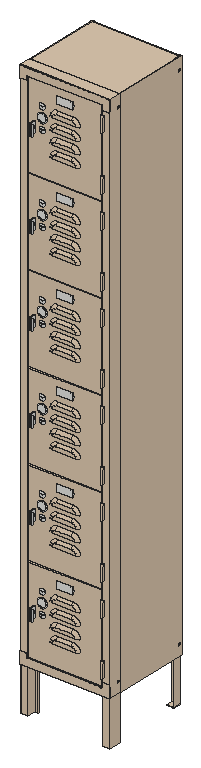
Revit family "Metal_Lockers-Salsbury_Industries-65000_66000_Series-1_Wide_Units", category Specialty Equipment, Revit 2024 (continued)
Definition of nested family "Metal Locker End Panel"
  Reference planes (in)
    plane 13 "Outside Edge of Front Flap": y = -8.23214
    plane 14 "Outside Edge of Back Flap": y = 3.898
  Forms (in)
    Extrusion 1, solid, material <- "Primary Structure Material", visible <- "Visible"
      sketch origin (-4.1325, 0.48244, 0) x (0, 0, -1) y (0, -1, 0)
        loop
          line (-72, 8.71458) -> (-72, -3.41556) -> (0, -3.41556) -> (0, 8.71458) -> (-72, 8.71458)
      from 0 to -0.06
    Extrusion 2, solid, material <- "Primary Structure Material", visible <- "Visible"
      sketch origin (0, 3.838, 0) x (0, 0, -1) y (1, 0, 0)
        loop
          line (-72, -5.0575) -> (0, -5.0575) -> (0, -4.1325) -> (-72, -4.1325) -> (-72, -5.0575)
      from 0 to -0.06
    Extrusion 3, solid, material <- "Primary Structure Material", visible <- "Visible"
      sketch origin (0, -8.172, 0) x (1, 0, 0) y (0, 0, 1)
        loop
          line (-5.0575, 70.283) -> (-5.0575, 1.717) -> (-4.1325, 1.717) -> (-4.1325, 70.283) -> (-5.0575, 70.283)
      from 0.06014 to 0
  Dimensions and locks (in)
    equal spacing: plane 6 "Front of Panel", plane 1 "Center (Front/Back)", plane 9 "Back of Panel"
    "Depth": plane 6 "Front of Panel" to plane 9 "Back of Panel"
    equal spacing: plane 8 "Left Side of Enclosure", plane 3 "Center (Left/Right)", plane 7 "Right Side of Enclosure"
    "Width": plane 8 "Left Side of Enclosure" to plane 7 "Right Side of Enclosure"
    equal spacing: plane 5 "Top of Panel", plane 10, plane 2
    "Height": plane 5 "Top of Panel" to plane 2
    locked: plane 5 "Top of Panel" to plane 11 at 1.717
    locked: plane 13 "Outside Edge of Front Flap" to plane 6 "Front of Panel" at 0.06014
    locked: plane 9 "Back of Panel" to plane 14 "Outside Edge of Back Flap" at 0.06
    aligned and locked: level to plane 2
    aligned and locked: plane 5 "Top of Panel" to Extrusion 1 sketch curve
    aligned and locked: plane 5 "Top of Panel" to Extrusion 2 sketch curve
    aligned and locked: Extrusion 2 to plane 9 "Back of Panel"
    aligned and locked: plane 11 to Extrusion 3 sketch curve
    aligned and locked: plane 6 "Front of Panel" to Extrusion 3
    aligned and locked: plane 14 "Outside Edge of Back Flap" to Extrusion 2
    aligned and locked: Extrusion 1 to plane 14 "Outside Edge of Back Flap"
    aligned and locked: plane 13 "Outside Edge of Front Flap" to Extrusion 3
    aligned and locked: Extrusion 2 to plane 7 "Right Side of Enclosure"
    aligned and locked: Extrusion 3 to plane 7 "Right Side of Enclosure"
  Automatic sketch dimensions
    Extrusion 1 sketch curve to level = 0.000"
    Extrusion 2 sketch curve to level = 0.000"
    plane 8 "Left Side of Enclosure" to Extrusion 2 sketch curve = 0.000"
    plane 7 "Right Side of Enclosure" to Extrusion 2 sketch curve = 0.000"
    plane 8 "Left Side of Enclosure" to Extrusion 3 sketch curve = 0.000"
    Extrusion 3 sketch curve to plane 12 = 0.000"
    plane 7 "Right Side of Enclosure" to Extrusion 3 sketch curve = 0.000"
    Extrusion 1 sketch curve to plane 14 "Outside Edge of Back Flap" = 0.000"
    plane 6 "Front of Panel" to Extrusion 1 sketch curve = 0.06014"
Definition of nested family "Metal Locker Front Filler"
  Parameters (values of type "77869 - for 6' H Lockers (Zee Base or No Legs)")
    Width = 9.000"
    Visible = yes
    Version = "1.0 (11/30/15)"
    Type Comments = "Vertical Front Filler for Standard Metal Lockers"
    Primary Structure Material = none
    Model = "77865"
    MasterFormat Title = ""
    MasterFormat Number = ""
    Manufacturer = "Salsbury Industries"
    Height = 72.000"
    Description = "9\" W Vertical Front Filler for 6' H Lockers"
    Depth = 1.500"
    Default Elevation = 0.000"
    Assembly Code = ""
  Types (9): name | Width | Visible | Model | Height | Description | Depth
    77865 - for 6' H Lockers with Legs | 15.000" | yes | "77865" | 78.000" | "15\" W Vertical Front Filler for 6' H Lockers" | 1.000"
    77869 - for 6' H Lockers with Legs | 9.000" | yes | "77865" | 78.000" | "9\" W Vertical Front Filler for 6' H Lockers" | 1.000"
    77855 - for 5' H Lockers with Legs | 15.000" | yes | "77855" | 66.000" | "15\" W Vertical Front Filler for 5' H Lockers" | 1.000"
    77859 - for 5' H Lockers with Legs | 9.000" | yes | "77859" | 66.000" | "9\" W Vertical Front Filler for 5' H Lockers" | 1.000"
    None | 15.000" | no | "n/a" | 78.000" | "" | 1.500"
    77865 - for 6' H Lockers (Zee Base or No Legs) | 15.000" | yes | "77865" | 72.000" | "15\" W Vertical Front Filler for 6' H Lockers" | 1.000"
    77869 - for 6' H Lockers (Zee Base or No Legs) | 9.000" | yes | "77865" | 72.000" | "9\" W Vertical Front Filler for 6' H Lockers" | 1.500"
    77859 - for 5' H Lockers (Zee Base or No Legs) | 9.000" | yes | "77859" | 60.000" | "9\" W Vertical Front Filler for 5' H Lockers" | 1.000"
    77855 - for 5' H Lockers (Zee Base or No Legs) | 15.000" | yes | "77855" | 60.000" | "15\" W Vertical Front Filler for 5' H Lockers" | 1.000"
  Reference planes (in)
    plane 1 "Center (Front/Back)": y = -2.167
    plane 2: z = 0
    plane 3 "Center (Left/Right)": x = -4.595
    plane 4 "Bottom of Filler": z = 0
    plane 5 "Top of Panel": z = 72
    plane 6 "Front of Filler": y = -2.917
    plane 7 "Right Side of Filler": x = -0.095
    plane 8 "Left Side of Filler": x = -9.095
    plane 9 "Back of Filler": y = -1.417
    plane 10: z = 36
  Forms (in)
    Extrusion 1, solid, material <- "Primary Structure Material", visible <- "Visible"
      sketch origin (0, 0, 0) x (0, -1, 0) y (1, 0, 0)
        loop
          line (1.417, -9.095) -> (2.917, -9.095) -> (2.917, -1.095) -> (2.869, -1.095) -> (2.869, -9.047) -> (1.417, -9.047) -> (1.417, -9.095)
      from 0 to 72
    Extrusion 2, solid, material <- "Primary Structure Material", visible <- "Visible"
      sketch origin (0, -0.20425, 0) x (0, -1, 0) y (1, 0, 0)
        loop
          line (1.30875, -0.095) -> (1.30875, -0.143) -> (2.76075, -0.143) -> (2.76075, -1.595) -> (2.80875, -1.595) -> (2.80875, -0.095) -> (1.30875, -0.095)
      from 0 to 72
    Extrusion 3, solid, material <- "Primary Structure Material", visible <- "Visible"
      sketch origin (0, 0.10825, 0) x (0, -1, 0) y (1, 0, 0)
        loop
          line (3.07325, -1.595) -> (3.07325, -0.82524) -> (3.02525, -0.82524) -> (3.02525, -1.376) -> (3.02525, -1.449) -> (3.02525, -1.522) -> (3.02525, -1.595) -> (3.07325, -1.595)
      from 0 to 72
    Extrusion 4, solid, material <- "Primary Structure Material", visible <- "Visible"
      sketch origin (0, 0, 0) x (0, -1, 0) y (1, 0, 0)
        loop
          line (2.917, -0.82524) -> (2.821, -0.82524) -> (2.821, -1.80024) -> (2.869, -1.80024) -> (2.869, -0.87324) -> (2.917, -0.87324) -> (2.917, -0.82524)
      from 0 to 72
  Dimensions and locks (in)
    equal spacing: plane 6 "Front of Filler", plane 1 "Center (Front/Back)", plane 9 "Back of Filler"
    "Depth": plane 6 "Front of Filler" to plane 9 "Back of Filler"
    equal spacing: plane 8 "Left Side of Filler", plane 3 "Center (Left/Right)", plane 7 "Right Side of Filler"
    "Width": plane 8 "Left Side of Filler" to plane 7 "Right Side of Filler"
    equal spacing: plane 5 "Top of Panel", plane 10, plane 2
    "Height": plane 5 "Top of Panel" to plane 2
    aligned and locked: level to plane 2
    aligned and locked: Extrusion 1 to plane 5 "Top of Panel"
    aligned and locked: Extrusion 2 to plane 5 "Top of Panel"
    aligned and locked: Extrusion 3 to plane 5 "Top of Panel"
    aligned and locked: Extrusion 4 to plane 5 "Top of Panel"
  Automatic sketch dimensions
    plane 9 "Back of Filler" to Extrusion 1 sketch curve = 0.000"
    plane 6 "Front of Filler" to Extrusion 1 sketch curve = 0.000"
    Extrusion 1 sketch curve to plane 8 "Left Side of Filler" = 0.000"
    Extrusion 1 sketch curve to plane 6 "Front of Filler" = 0.048"
    Extrusion 1 sketch curve to Extrusion 1 sketch curve = 0.048"
    plane 7 "Right Side of Filler" to Extrusion 1 sketch curve = 1.000"
    Extrusion 2 sketch curve to plane 7 "Right Side of Filler" = 0.000"
    plane 7 "Right Side of Filler" to Extrusion 2 sketch curve = 0.048"
    plane 9 "Back of Filler" to Extrusion 2 sketch curve = 0.096"
    plane 6 "Front of Filler" to Extrusion 2 sketch curve = 0.048"
    Extrusion 2 sketch curve to Extrusion 2 sketch curve = 0.048"
    Extrusion 2 sketch curve to Extrusion 2 sketch curve = 1.452"
    plane 6 "Front of Filler" to Extrusion 3 sketch curve = 0.000"
    plane 7 "Right Side of Filler" to Extrusion 3 sketch curve = 1.500"
    Extrusion 3 sketch curve to Extrusion 3 sketch curve = 0.073"  (x3)
    Extrusion 3 sketch curve to Extrusion 3 sketch curve = 0.55076"
    Extrusion 3 sketch curve to Extrusion 3 sketch curve = 0.048"
    plane 6 "Front of Filler" to Extrusion 4 sketch curve = 0.000"
    Extrusion 4 sketch curve to plane 6 "Front of Filler" = 0.048"
    Extrusion 4 sketch curve to Extrusion 4 sketch curve = 0.048"  (x2)
    plane 7 "Right Side of Filler" to Extrusion 4 sketch curve = 1.70524"
    plane 7 "Right Side of Filler" to Extrusion 4 sketch curve = 0.77824"
Definition of nested family "Metal Locker Flat Top Filler"
  Parameters (values of type "77842 - for 12" Deep Lockers (15" W)")
    Width = 16.250"
    Visible = yes
    Version = "1.0 (11/30/15)"
    Type Comments = "Flat Top Filler for Standard Metal Lockers"
    Primary Structure Material = none
    Model = "77842"
    MasterFormat Title = ""
    MasterFormat Number = ""
    Manufacturer = "Salsbury Industries"
    Height = 1.003"
    Description = "15\"W Flat Top In-Line Filler"
    Depth = 12.118"
    Default Elevation = 0.000"
    Assembly Code = ""
  Types (7): name | Width | Visible | Model | Depth
    77842 - for 12" Deep Lockers (15" W) | 16.250" | yes | "77842" | 12.118"
    77842 - for 12" Deep Lockers (9" W) | 10.250" | yes | "77842" | 12.118"
    77845 - for 15" Deep Lockers (15" W) | 16.250" | yes | "77845" | 15.118"
    77845 - for 15" Deep Lockers (9" W) | 10.250" | yes | "77845" | 15.118"
    77848 - for 18" Deep Lockers (15" W) | 16.250" | yes | "77848" | 18.118"
    77848 - for 18" Deep Lockers (9" W) | 10.250" | yes | "77848" | 18.118"
    None | 16.250" | no | "" | 12.118"
  Reference planes (in)
    plane 1 "Center (Front/Back)": y = -2.167
    plane 2: z = 0
    plane 3 "Center (Left/Right)": x = -4.595
    plane 4 "Bottom of Panel": z = 0
    plane 5 "Top of Panel": z = 1.003
    plane 6 "Front of Panel": y = -8.226
    plane 7 "Right Side of Enclosure": x = 3.53
    plane 8 "Left Side of Enclosure": x = -12.72
    plane 9 "Back of Panel": y = 3.892
    plane 10: z = 0.5015
  Forms (in)
    Extrusion 1, solid, material <- "Primary Structure Material", visible <- "Visible"
      sketch origin (-4.595, 0, 0) x (0, 1, 0) y (0, 0, 1)
        loop
          line (-8.226, 0) -> (-8.178, 0) -> (-8.178, 0.955) -> (3.892, 0.955) -> (3.892, 1.003) -> (-8.226, 1.003) -> (-8.226, 0)
      from -8.125 to 8.125
  Dimensions and locks (in)
    equal spacing: plane 6 "Front of Panel", plane 1 "Center (Front/Back)", plane 9 "Back of Panel"
    "Depth": plane 6 "Front of Panel" to plane 9 "Back of Panel"
    equal spacing: plane 8 "Left Side of Enclosure", plane 3 "Center (Left/Right)", plane 7 "Right Side of Enclosure"
    "Width": plane 8 "Left Side of Enclosure" to plane 7 "Right Side of Enclosure"
    equal spacing: plane 5 "Top of Panel", plane 10, plane 2
    "Height": plane 5 "Top of Panel" to plane 2
    aligned and locked: level to plane 2
    aligned and locked: Extrusion 1 to plane 7 "Right Side of Enclosure"
    aligned and locked: plane 8 "Left Side of Enclosure" to Extrusion 1
    aligned and locked: plane 6 "Front of Panel" to Extrusion 1
    aligned and locked: Extrusion 1 to plane 9 "Back of Panel"
  Automatic sketch dimensions
    plane 5 "Top of Panel" to Extrusion 1 sketch curve = 0.000"
    Extrusion 1 sketch curve to plane 6 "Front of Panel" = 0.000"
    Extrusion 1 sketch curve to level = 0.000"
    Extrusion 1 sketch curve to plane 9 "Back of Panel" = 0.000"
    Extrusion 1 sketch curve to plane 6 "Front of Panel" = 0.048"
    plane 5 "Top of Panel" to Extrusion 1 sketch curve = 0.048"
Definition of nested family "Metal Locker Flat Corner Filler"
  Parameters (values of type "77832 - for 12" Deep Lockers")
    Width = 12.625"
    Visible = yes
    Version = "1.0 (11/30/15)"
    Type Comments = "Flat Top Corner Filler for Standard Metal Lockers"
    Primary Structure Material = none
    Model = "77832"
    MasterFormat Title = ""
    MasterFormat Number = ""
    Manufacturer = "Salsbury Industries"
    Height = 0.048"
    Description = "12\"W Flat Top Corner Filler"
    Depth = 12.625"
    Default Elevation = 0.000"
    Assembly Code = ""
  Types (4): name | Width | Visible | Model | Description | Depth
    77832 - for 12" Deep Lockers | 12.625" | yes | "77832" | "12\"W Flat Top Corner Filler" | 12.625"
    77835 - for 15" Deep Lockers | 15.625" | yes | "77835" | "15\"W Flat Top Corner Filler" | 15.625"
    77838 - for 18" Deep Lockers | 18.625" | yes | "77838" | "18\"W Flat Top Corner Filler" | 18.625"
    None | 12.625" | no | "" | "" | 12.625"
  Reference planes (in)
    plane 1 "Center (Front/Back)": y = -2.167
    plane 2: z = 0
    plane 3 "Center (Left/Right)": x = -4.595
    plane 4 "Bottom of Panel": z = 0
    plane 5 "Top of Panel": z = 0.048
    plane 6 "Front of Panel": y = -8.4795
    plane 7 "Right Side of Enclosure": x = 1.7175
    plane 8 "Left Side of Enclosure": x = -10.9075
    plane 9 "Back of Panel": y = 4.1455
    plane 10: z = 0.024
  Forms (in)
    Extrusion 1, solid, material <- "Primary Structure Material", visible <- "Visible"
      sketch origin (0, 0, 0) x (0, -1, 0) y (1, 0, 0)
        loop
          line (7.8545, -10.9075) -> (7.8545, -10.2825) -> (8.4795, -10.2825) -> (8.4795, 1.7175) -> (-4.1455, 1.7175) -> (-4.1455, -10.9075) -> (7.8545, -10.9075)
      from 0 to 0.048
  Dimensions and locks (in)
    equal spacing: plane 6 "Front of Panel", plane 1 "Center (Front/Back)", plane 9 "Back of Panel"
    "Depth": plane 6 "Front of Panel" to plane 9 "Back of Panel"
    equal spacing: plane 8 "Left Side of Enclosure", plane 3 "Center (Left/Right)", plane 7 "Right Side of Enclosure"
    "Width": plane 8 "Left Side of Enclosure" to plane 7 "Right Side of Enclosure"
    equal spacing: plane 5 "Top of Panel", plane 10, plane 2
    "Height": plane 5 "Top of Panel" to plane 2
    aligned and locked: level to plane 2
    aligned and locked: Extrusion 1 to plane 9 "Back of Panel"
    aligned and locked: plane 6 "Front of Panel" to Extrusion 1
    aligned and locked: Extrusion 1 to plane 7 "Right Side of Enclosure"
    aligned and locked: plane 8 "Left Side of Enclosure" to Extrusion 1
  Automatic sketch dimensions
    Extrusion 1 sketch curve to plane 8 "Left Side of Enclosure" = 0.000"
    plane 9 "Back of Panel" to Extrusion 1 sketch curve = 0.000"
    plane 6 "Front of Panel" to Extrusion 1 sketch curve = 0.000"
    Extrusion 1 sketch curve to plane 7 "Right Side of Enclosure" = 0.000"
    Extrusion 1 sketch curve to plane 8 "Left Side of Enclosure" = 0.625"
    Extrusion 1 sketch curve to plane 6 "Front of Panel" = 0.625"
Definition of nested family "Metal Locker Sloping Hood"
  Parameters (values of type "77752 - for 12" Deep Lockers (1 Wide)")
    Width = 12.040"
    Visible = yes
    Version = "1.0 (11/30/15)"
    Type Comments = "Sloping Hood for Standard Metal Lockers"
    Slope Angle = 28.761°
    Primary Structure Material = none
    Model = "77752"
    MasterFormat Title = ""
    MasterFormat Number = ""
    Manufacturer = "Salsbury Industries"
    Height = 6.625"
    Dividing Lines = no
    Description = "12\" Deep for up to (3) 12\" Wide Lockers"
    Depth = 12.070"
    Default Elevation = 0.000"
    Assembly Code = ""
  Types (12): name | Width | Visible | Slope Angle | Model | Height | Dividing Lines | Description | Depth
    77752 - for 12" Deep Lockers (1 Wide) | 12.040" | yes | 28.761° | "77752" | 6.625" | no | "12\" Deep for up to (3) 12\" Wide Lockers" | 12.070"
    77752 - for 12" Deep Lockers (3 Wide) | 36.040" | yes | 28.761° | "77752" | 6.625" | yes | "12\" Deep for up to (3) 12\" Wide Lockers" | 12.070"
    77755 - for 15" Deep Lockers (1 Wide) | 12.040" | yes | 29.946° | "77755" | 8.682" | no | "15\" Deep for up to (3) 12\" Wide Lockers" | 15.070"
    77755 - for 15" Deep Lockers (3 Wide) | 36.040" | yes | 29.946° | "77755" | 8.628" | yes | "15\" Deep for up to (3) 12\" Wide Lockers" | 15.070"
    77758 - for 18" Deep Lockers (1 Wide) | 12.040" | yes | 30.723° | "77758" | 10.739" | no | "18\" Deep for up to (3) 12\" Wide Lockers" | 18.070"
    77758 - for 18" Deep Lockers (3 Wide) | 36.040" | yes | 30.723° | "77758" | 10.739" | yes | "18\" Deep for up to (3) 12\" Wide Lockers" | 18.070"
    None | 12.000" | no | 28.761° | "" | 6.625" | no | "" | 12.070"
    77765 - for 15" Deep Lockers (1 Wide) | 15.040" | yes | 29.946° | "77752" | 6.625" | no | "12\" Deep for up to (3) 12\" Wide Lockers" | 15.070"
    77768 - for 18" Deep Lockers (1 Wide) | 15.040" | yes | 30.723° | "77752" | 6.625" | no | "12\" Deep for up to (3) 12\" Wide Lockers" | 18.070"
    77765 - for 15" Deep Lockers (3 Wide) | 45.040" | yes | 29.946° | "77752" | 6.625" | yes | "12\" Deep for up to (3) 12\" Wide Lockers" | 15.070"
    77768 - for 18" Deep Lockers (3 Wide) | 45.040" | yes | 30.723° | "77752" | 6.625" | yes | "12\" Deep for up to (3) 12\" Wide Lockers" | 18.070"
    77759 - for 18" Deep Bridge Lockers | 72.040" | yes | 30.723° | "77752" | 6.625" | no | "12\" Deep for up to (3) 12\" Wide Lockers" | 18.070"
  Reference planes (in)
    plane 1 "Center (Front/Back)": y = -2.167
    plane 2: z = 0
    plane 3 "Center (Left/Right)": x = -4.595
    plane 4 "Bottom of Panel": z = 0
    plane 5 "Top of Panel": z = 6.625
    plane 6 "Front of Panel": y = -8.202
    plane 7 "Right Side of Enclosure": x = 1.425
    plane 8 "Left Side of Enclosure": x = -10.615
    plane 9 "Back of Panel": y = 3.868
    plane 10: z = 3.3125
    plane 11: through (0, -7.81601, 0.21186) normal (0, -0.4812, 0.8766)
    plane 12: through (0, -7.94397, 0.10626) normal (0, -0.4812, 0.8766)
    plane 13: y = 3.837
    plane 14: y = 3.806
    plane 15: y = 3.775
    plane 16: y = 3.37433
    plane 17 "Divider 1": x = -6.60167
    plane 18 "Divider 2": x = -2.58833
  Forms (in)
    Extrusion 1, solid, material <- "Primary Structure Material", visible <- "Visible"
      sketch origin (1.425, 0, 0) x (0, 0, -1) y (0, -1, 0)
        loop
          line (-6.62484, -3.868) -> (0, -3.868) -> (0, 8.202) -> (-6.62484, -3.868)
      from 0 to 0.031
    Extrusion 2, solid, material <- "Primary Structure Material", visible <- "Visible"
      sketch origin (1.425, 0, 0) x (0, 0, -1) y (0, -1, 0)
        loop
          line (0, -3.868) -> (0, -3.837) -> (-6.60783, -3.837) -> (-6.62484, -3.868) -> (0, -3.868)
      from 0.03098 to 0.40598
    Extrusion 3, solid, material <- "Primary Structure Material", visible <- "Visible"
      sketch origin (1.425, 0, 0) x (0, 0, -1) y (0, -1, 0)
        loop
          line (0, -3.837) -> (0, 8.13757) -> (-0.031, 8.08109) -> (-0.031, -3.837) -> (0, -3.837)
      from 0.031 to 0.80198
    Extrusion 4, solid, material <- "Primary Structure Material", visible <- "Visible"
      sketch origin (-10.615, 0, 0) x (0, 0, -1) y (0, -1, 0)
        loop
          line (-6.62484, -3.868) -> (0, -3.868) -> (0, 8.202) -> (-6.62484, -3.868)
      from 0 to -0.031
    Extrusion 5, solid, material <- "Primary Structure Material", visible <- "Visible"
      sketch origin (-10.615, 0, 0) x (0, 0, -1) y (0, -1, 0)
        loop
          line (0, -3.868) -> (0, -3.837) -> (-6.60783, -3.837) -> (-6.62484, -3.868) -> (0, -3.868)
      from -0.031 to -0.406
    Extrusion 6, solid, material <- "Primary Structure Material", visible <- "Visible"
      sketch origin (-10.615, 0, 0) x (0, 0, -1) y (0, -1, 0)
        loop
          line (0, -3.837) -> (0, 8.13757) -> (-0.031, 8.08109) -> (-0.031, -3.837) -> (0, -3.837)
      from -0.031 to -0.802
    Extrusion 7, solid, material <- "Primary Structure Material", visible <- "Visible"
      sketch origin (-4.595, 0, 0) x (0, 1, 0) y (0, 0, 1)
        loop
          line (3.837, 6.60783) -> (-8.202, 0) -> (-7.84238, 0) -> (-7.84238, 0.031) -> (-8.08109, 0.031) -> (3.806, 6.55545) -> (3.806, 6.21809) -> (3.837, 6.21809) -> (3.837, 6.60783)
      from -5.989 to 5.989
    Extrusion 8, solid, material <- "Primary Structure Material", visible <- "Visible"
      sketch origin (-4.595, -0.031, 0) x (0, 1, 0) y (0, 0, 1)
        loop
          line (3.837, 0.031) -> (3.837, 6.55545) -> (3.806, 6.53844) -> (3.806, 0.031) -> (3.837, 0.031)
      from -5.989 to 5.989
    Extrusion 9, solid, material <- "Primary Structure Material", visible <- "Visible"
      sketch origin (0, -0.031, 0) x (0, -1, 0) y (1, 0, 0)
        loop
          line (-3.806, -9.75653) -> (-3.40533, -9.75653) -> (-3.40533, 0.56919) -> (-3.806, 0.56919) -> (-3.806, -9.75653)
      from 0.031 to 0.06464
  Lines and regions (in)
    model lines, visible <- "Dividing Lines"
      curve 1: line (-6.60167, -8.21456, -0.0069) -> (-6.60167, 3.868, 6.62484)
      curve 2: line (-2.58833, -8.21456, -0.0069) -> (-2.58833, 3.868, 6.62484)
  Dimensions and locks (in)
    equal spacing: plane 6 "Front of Panel", plane 1 "Center (Front/Back)", plane 9 "Back of Panel"
    "Depth": plane 6 "Front of Panel" to plane 9 "Back of Panel"
    equal spacing: plane 8 "Left Side of Enclosure", plane 17 "Divider 1", plane 18 "Divider 2", plane 7 "Right Side of Enclosure"
    "Width": plane 8 "Left Side of Enclosure" to plane 7 "Right Side of Enclosure"
    equal spacing: plane 5 "Top of Panel", plane 10, plane 2
    "Height": plane 5 "Top of Panel" to plane 2
    locked: plane 11 to plane 12 at 0.031
    plane 16 to plane 15 to plane 14 to plane 13 to plane 9 "Back of Panel" = 0.40067", 0.031", 0.031", 0.031"
    equal spacing: plane 8 "Left Side of Enclosure", plane 3 "Center (Left/Right)", plane 7 "Right Side of Enclosure"
    "Slope Angle": angle plane 4 "Bottom of Panel" to plane 11
    aligned and locked: level to plane 2
    aligned and locked: Extrusion 1 to plane 9 "Back of Panel"
    aligned and locked: plane 4 "Bottom of Panel" to Extrusion 1
    aligned and locked: Extrusion 7 to Extrusion 1
    aligned and locked: Extrusion 7 to Extrusion 4
    aligned and locked: Extrusion 7 to Extrusion 8  (x2)
    aligned and locked: plane 11 to Extrusion 7 sketch curve
    aligned and locked: plane 12 to Extrusion 7 sketch curve
    aligned and locked: plane 12 to Extrusion 8 sketch curve
    aligned and locked: Extrusion 4 sketch curve to plane 11
    aligned and locked: Extrusion 1 sketch curve to plane 11
    aligned and locked: Extrusion 3 sketch curve to plane 12
    aligned and locked: Extrusion 6 sketch curve to plane 12
    aligned and locked: plane 13 to Extrusion 7
    aligned and locked: plane 14 to Extrusion 8
    aligned and locked: plane 15 to Extrusion 8
    aligned and locked: plane 16 to Extrusion 9
    aligned and locked: plane 13 to Extrusion 7 sketch curve
    aligned and locked: Extrusion 7 sketch curve to plane 14
    aligned and locked: plane 13 to Extrusion 2 sketch curve
    aligned and locked: plane 11 to Extrusion 2 sketch curve
    aligned and locked: plane 13 to Extrusion 5 sketch curve
    aligned and locked: plane 11 to Extrusion 5 sketch curve
    aligned and locked: curve 2 to plane 18 "Divider 2"
    aligned and locked: curve 1 to plane 17 "Divider 1"
  Automatic sketch dimensions
    Extrusion 7 sketch curve to level = 0.000"
    level to Extrusion 7 sketch curve = 0.031"
    Extrusion 7 sketch curve to Extrusion 7 sketch curve = 0.23871"
    Extrusion 7 sketch curve to Extrusion 7 sketch curve = 0.33736"
    Extrusion 1 sketch curve to plane 9 "Back of Panel" = 0.000"
    Extrusion 1 sketch curve to level = 0.000"
    Extrusion 2 sketch curve to plane 9 "Back of Panel" = 0.000"
    Extrusion 2 sketch curve to level = 0.000"
    Extrusion 3 sketch curve to plane 13 = 0.000"
    Extrusion 3 sketch curve to level = 0.000"
    level to Extrusion 3 sketch curve = 0.031"
    Extrusion 4 sketch curve to plane 9 "Back of Panel" = 0.000"
    Extrusion 4 sketch curve to level = 0.000"
    Extrusion 5 sketch curve to plane 9 "Back of Panel" = 0.000"
    Extrusion 5 sketch curve to level = 0.000"
    Extrusion 6 sketch curve to plane 13 = 0.000"
    Extrusion 6 sketch curve to level = 0.000"
    Extrusion 6 sketch curve to Extrusion 6 sketch curve = 0.031"
    Extrusion 8 sketch curve to plane 15 = 0.000"
    Extrusion 8 sketch curve to plane 14 = 0.000"
    level to Extrusion 8 sketch curve = 0.031"
    plane 15 to Extrusion 9 sketch curve = 0.000"
    plane 16 to Extrusion 9 sketch curve = 0.000"
    Extrusion 9 sketch curve to plane 8 "Left Side of Enclosure" = 0.85847"
    plane 7 "Right Side of Enclosure" to Extrusion 9 sketch curve = 0.85581"
    curve 1 to plane 9 "Back of Panel" = 0.000"
    plane 11 to curve 1 = 0.000"
    curve 1 to plane 11 = 0.000"
    curve 1 to level = 0.0069"
    curve 2 to plane 9 "Back of Panel" = 0.000"
    plane 11 to curve 2 = 0.000"
    curve 2 to plane 11 = 0.000"
    curve 2 to level = 0.0069"
Definition of nested family "Metal Locker Sloping Top Filler"
  Parameters (values of type "77882 - for 12" Deep Lockers (15" W)")
    Width = 16.250"
    Visible = yes
    Version = "1.0 (11/30/15)"
    Type Comments = "Sloping Hood In-Line Filler for Standard Metal Lockers"
    Slope Angle = 28.761°
    Primary Structure Material = none
    Model = "77882"
    MasterFormat Title = ""
    MasterFormat Number = ""
    Manufacturer = "Salsbury Industries"
    Height = 1.003"
    Description = "15\"W Sloping Hood In-Line Filler"
    Depth = 12.118"
    Default Elevation = 0.000"
    Assembly Code = ""
  Types (7): name | Width | Visible | Type Comments | Slope Angle | Model | Description | Depth
    77882 - for 12" Deep Lockers (15" W) | 16.250" | yes | "Sloping Hood In-Line Filler for Standard Metal Lockers" | 28.761° | "77882" | "15\"W Sloping Hood In-Line Filler" | 12.118"
    77882 - for 12" Deep Lockers (9" W) | 10.250" | yes | "Sloping Hood In-Line Filler for Standard Metal Lockers" | 28.761° | "77882" | "15\"W Sloping Hood In-Line Filler" | 12.118"
    77885 - for 15" Deep Lockers (15" W) | 16.250" | yes | "Sloping Hood In-Line Filler for Standard Metal Lockers" | 29.946° | "77885" | "15\"W Sloping Hood In-Line Filler" | 15.118"
    77885 - for 15" Deep Lockers (9" W) | 10.250" | yes | "Sloping Hood In-Line Filler for Standard Metal Lockers" | 29.946° | "77885" | "15\"W Sloping Hood In-Line Filler" | 15.118"
    77888 - for 18" Deep Lockers (15" W) | 16.250" | yes | "Sloping Hood In-Line Filler for Standard Metal Lockers" | 30.723° | "77888" | "15\"W Sloping Hood In-Line Filler" | 18.118"
    77888 - for 18" Deep Lockers (9" W) | 10.250" | yes | "Sloping Hood In-Line Filler for Standard Metal Lockers" | 30.723° | "77888" | "15\"W Sloping Hood In-Line Filler" | 18.118"
    None | 16.250" | no | "Sloping Hood for Standard Metal Lockers" | 28.761° | "" | "" | 12.118"
  Reference planes (in)
    plane 1 "Center (Front/Back)": y = -2.167
    plane 2: z = 0
    plane 3 "Center (Left/Right)": x = -4.595
    plane 4 "Bottom of Panel": z = 0
    plane 5 "Top of Panel": z = 1.003
    plane 6 "Front of Panel": y = -8.226
    plane 7 "Right Side of Enclosure": x = 3.53
    plane 8 "Left Side of Enclosure": x = -12.72
    plane 9 "Back of Panel": y = 3.892
    plane 10: z = 0.5015
    plane 11: through (0, -7.6072, 0.33964) normal (0, -0.4812, 0.8766)
    plane 12: through (0, -7.72698, 0.21914) normal (0, -0.4812, 0.8766)
  Forms (in)
    Extrusion 1, solid, material <- "Primary Structure Material", visible <- "Visible"
      sketch origin (-4.595, 0, 0) x (0, 1, 0) y (0, 0, 1)
        loop
          line (3.892, 6.65119) -> (-8.226, 0) -> (-8.226, -1.028) -> (-8.178, -1.028) -> (-8.178, -0.02841) -> (3.892, 6.59643) -> (3.892, 6.65119)
      from -8.125 to 8.125
  Dimensions and locks (in)
    equal spacing: plane 6 "Front of Panel", plane 1 "Center (Front/Back)", plane 9 "Back of Panel"
    "Depth": plane 6 "Front of Panel" to plane 9 "Back of Panel"
    equal spacing: plane 8 "Left Side of Enclosure", plane 3 "Center (Left/Right)", plane 7 "Right Side of Enclosure"
    "Width": plane 8 "Left Side of Enclosure" to plane 7 "Right Side of Enclosure"
    equal spacing: plane 5 "Top of Panel", plane 10, plane 2
    "Height": plane 5 "Top of Panel" to plane 2
    locked: plane 11 to plane 12 at 0.048
    "Slope Angle": angle plane 4 "Bottom of Panel" to plane 11
    aligned and locked: level to plane 2
    aligned and locked: plane 11 to Extrusion 1 sketch curve
    aligned and locked: plane 12 to Extrusion 1 sketch curve
    aligned and locked: Extrusion 1 to plane 7 "Right Side of Enclosure"
    aligned and locked: plane 8 "Left Side of Enclosure" to Extrusion 1
  Automatic sketch dimensions
    Extrusion 1 sketch curve to plane 6 "Front of Panel" = 0.000"
    Extrusion 1 sketch curve to Extrusion 1 sketch curve = 0.99959"
    Extrusion 1 sketch curve to level = 0.02841"
    Extrusion 1 sketch curve to plane 9 "Back of Panel" = 0.000"
Definition of nested family "Metal Locker Sloping Corner Filler"
  Parameters (values of type "77872 - for 12" Deep Lockers")
    Width = 12.695"
    Visible = yes
    Version = "1.0 (11/30/15)"
    Type Comments = "Sloping Hood Corner Filler for Standard Metal Lockers"
    Slope Angle 2 = 28.761°
    Slope Angle 1 = 28.761°
    Primary Structure Material = none
    Model = "77872"
    MasterFormat Title = ""
    MasterFormat Number = ""
    Manufacturer = "Salsbury Industries"
    Height = 6.87897"
    Description = "12\"D Sloping Hood Corner Filler"
    Depth = 12.695"
    Default Elevation = 0.000"
    Assembly Code = ""
  Types (4): name | Width | Visible | Slope Angle 2 | Slope Angle 1 | Model | Description | Depth
    77872 - for 12" Deep Lockers | 12.695" | yes | 28.761° | 28.761° | "77872" | "12\"D Sloping Hood Corner Filler" | 12.695"
    77875 - for 15" Deep Lockers | 15.695" | yes | 29.946° | 29.946° | "77875" | "15\"D Sloping Hood Corner Filler" | 15.695"
    77878 - for 18" Deep Lockers | 18.695" | yes | 30.723° | 30.723° | "77878" | "18\"D Sloping Hood Corner Filler" | 18.695"
    None | 12.695" | no | 28.723° | 28.723° | "" | "" | 12.695"
  Reference planes (in)
    plane 1 "Center (Front/Back)": y = -2.167
    plane 2: z = 0
    plane 3 "Center (Left/Right)": x = -4.595
    plane 4 "Bottom of Panel": z = 0
    plane 5 "Top of Panel": z = 6.87897
    plane 6 "Front of Panel": y = -8.5145
    plane 7 "Right Side of Enclosure": x = 1.7525
    plane 8 "Left Side of Enclosure": x = -10.9425
    plane 9 "Back of Panel": y = 4.1805
    plane 10 "Center Top/Bottom": z = 3.43948
    plane 11 "Slope 1": through (0, -7.42276, 0.59922) normal (0, -0.4812, 0.8766)
    plane 12: through (0, -7.54254, 0.47872) normal (0, -0.4812, 0.8766)
    plane 13 "Diagonal Plane": through (-10.86131, 4.09969, 48) normal (0.7071, 0.7071, 0)
    plane 14 "Cutout Plane 1": y = -7.8895
    plane 15 "Cutout Plane 2": x = 1.1275
    plane 16 "Slope 2": through (1.43902, -180, 0.17206) normal (-0.4812, 0, -0.8766)
    plane 17: through (5.04554, -180, -1.86199) normal (-0.4812, 0, -0.8766)
  Forms (in)
    Extrusion 1, solid, material <- "Primary Structure Material", visible <- "Visible"
      sketch origin (-4.595, 0, 0) x (0, 1, 0) y (0, 0, 1)
        loop
          line (-7.8895, 0.28829) -> (4.1805, 6.91313) -> (4.1805, 6.96789) -> (-7.8895, 0.34304) -> (-7.8895, 0.28829)
      from -6.3475 to 6.3475
    Extrusion 2, void
      sketch origin (0, 0, 3.43948) x (1, 0, 0) y (0, 1, 0)
        loop
          line (1.75288, -8.5145) -> (-10.9425, 4.18088) -> (-10.9425, -8.5145) -> (1.75288, -8.5145)
      from -3.43948 to 8.2673
    Extrusion 3, solid, material <- "Primary Structure Material", visible <- "Visible"
      sketch origin (0, -2.167, 0) x (1, 0, 0) y (0, 0, 1)
        loop
          line (1.1275, 0.2885) -> (1.1275, 0.34304) -> (-10.9425, 6.96789) -> (-10.9425, 6.91334) -> (1.1275, 0.2885)
      from -6.3475 to 6.3475
    Extrusion 4, void
      sketch origin (-4.595, 0, 0) x (0, 1, 0) y (0, 0, 1)
        loop
          line (4.1805, 0) -> (4.1805, 6.91313) -> (-8.41474, 0) -> (4.1805, 0)
      from -6.3475 to 6.3475
    Extrusion 5, solid, not visible
      sketch origin (1.1275, 0, 0) x (0, -1, 0) y (0, 0, 1)
        loop
          line (8.60982, 0.2885) -> (7.8895, 0.2885) -> (7.8895, 0) -> (8.60982, 0) -> (8.60982, 0.2885)
      from -0.72026 to 0
  Cuts and joins
    Extrusion 2, Extrusion 4 cuts Extrusion 1
    Extrusion 4 cuts Extrusion 3
  Dimensions and locks (in)
    equal spacing: plane 6 "Front of Panel", plane 1 "Center (Front/Back)", plane 9 "Back of Panel"
    "Depth": plane 6 "Front of Panel" to plane 9 "Back of Panel"
    equal spacing: plane 8 "Left Side of Enclosure", plane 3 "Center (Left/Right)", plane 7 "Right Side of Enclosure"
    "Width": plane 8 "Left Side of Enclosure" to plane 7 "Right Side of Enclosure"
    equal spacing: plane 5 "Top of Panel", plane 10 "Center Top/Bottom", plane 2
    "Height": plane 5 "Top of Panel" to plane 2
    locked: plane 11 "Slope 1" to plane 12 at 0.048
    locked: plane 15 "Cutout Plane 2" to plane 7 "Right Side of Enclosure" at 0.625
    locked: plane 6 "Front of Panel" to plane 14 "Cutout Plane 1" at 0.625
    locked: plane 17 to plane 16 "Slope 2" at 0.04782
    "Slope Angle 1": angle plane 4 "Bottom of Panel" to plane 11 "Slope 1"
    "Slope Angle 2": angle plane 16 "Slope 2" to plane 4 "Bottom of Panel"
    aligned and locked: level to plane 2
    aligned and locked: Extrusion 1 sketch curve to plane 14 "Cutout Plane 1"
    aligned and locked: plane 9 "Back of Panel" to Extrusion 1 sketch curve
    aligned and locked: Extrusion 1 sketch curve to plane 11 "Slope 1"
    aligned and locked: plane 12 to Extrusion 1 sketch curve
    aligned and locked: plane 8 "Left Side of Enclosure" to Extrusion 1
    aligned and locked: Extrusion 1 to plane 7 "Right Side of Enclosure"
    aligned and locked: plane 6 "Front of Panel" to Extrusion 2 sketch curve
    aligned and locked: plane 8 "Left Side of Enclosure" to Extrusion 2 sketch curve
    aligned and locked: plane 13 "Diagonal Plane" to Extrusion 2 sketch curve
    aligned and locked: plane 4 "Bottom of Panel" to cut or joined group of Extrusion 1, Extrusion 2, Extrusion 4
    aligned and locked: Extrusion 4 sketch curve to level
    aligned and locked: Extrusion 4 sketch curve to plane 9 "Back of Panel"
    aligned and locked: plane 12 to Extrusion 4 sketch curve
    aligned and locked: Extrusion 4 to plane 7 "Right Side of Enclosure"
    aligned and locked: plane 8 "Left Side of Enclosure" to Extrusion 4
    aligned and locked: cut or joined group of Extrusion 3, Extrusion 4 to plane 15 "Cutout Plane 2"
    aligned and locked: plane 6 "Front of Panel" to cut or joined group of Extrusion 3, Extrusion 4
    aligned and locked: cut or joined group of Extrusion 3, Extrusion 4 to plane 9 "Back of Panel"
    aligned and locked: Extrusion 3 sketch curve to plane 15 "Cutout Plane 2"
    aligned and locked: Extrusion 3 sketch curve to plane 16 "Slope 2"
    aligned and locked: plane 8 "Left Side of Enclosure" to Extrusion 3 sketch curve
    aligned and locked: plane 17 to Extrusion 3 sketch curve
  Automatic sketch dimensions
    Extrusion 5 sketch curve to plane 14 "Cutout Plane 1" = 0.000"
    Extrusion 5 sketch curve to level = 0.000"
    plane 6 "Front of Panel" to Extrusion 5 sketch curve = 0.09532"
    Extrusion 5 sketch curve to Extrusion 5 sketch curve = 0.2885"
Types (18): name | Zee Base | Unit Height including Sloping Hood Only | Unit Height | Type Comments | Total Door(s) Height | Top Door | Top Compartment Divider | Sloping Hood Height | Unit Height including Base Only | Overall Unit Height (including Base and Sloping Hood) | Model | Individual Door Height | Door Location D1 | Description | Depth | Compartment Divider Height | Base Height | Standard Leg Base
  66162 - with Standard 6" High Legs | Metal Locker Zee Base : None | 78.625" | 72.000" | "Standard Metal Locker - Six Tier" | 69.81949" | yes | yes | 6.625" | 78.000" | 84.625" | "66162" | 11.534" | Metal Locker Doors-12 inch with Latch Hasps : Six Tier Door - 6 foot | "1 Wide - 6 Feet High - 12 Inches Deep" | 12.010" | 11.159" | 6.000" | Metal Locker Legs : 6" High - 12" W x 12" D
  66165 - with Standard 6" High Legs | Metal Locker Zee Base : None | 80.682" | 72.000" | "Standard Metal Locker - Six Tier" | 69.81949" | yes | yes | 8.682" | 78.000" | 86.682" | "66165" | 11.534" | Metal Locker Doors-12 inch with Latch Hasps : Six Tier Door - 6 foot | "1 Wide - 6 Feet High - 15 Inches Deep" | 15.010" | 11.159" | 6.000" | Metal Locker Legs : 6" High - 12" W x 15" D
  66168 - with Standard 6" High Legs | Metal Locker Zee Base : None | 82.739" | 72.000" | "Standard Metal Locker - Six Tier" | 69.81949" | yes | yes | 10.739" | 78.000" | 88.739" | "66168" | 11.534" | Metal Locker Doors-12 inch with Latch Hasps : Six Tier Door - 6 foot | "1 Wide - 6 Feet High - 18 Inches Deep" | 18.010" | 11.159" | 6.000" | Metal Locker Legs : 6" High - 12"W x 18"D
  66162 - with 77572 Zee Base and 77550 Lockers without Legs | Metal Locker Zee Base : 77572- 12" W x 12" D | 78.625" | 72.000" | "Standard Metal Locker - Six Tier" | 69.81949" | yes | yes | 6.625" | 76.000" | 82.625" | "66162 with 77572 and 77550" | 11.534" | Metal Locker Doors-12 inch with Latch Hasps : Six Tier Door - 6 foot | "1 Wide - 6 Feet High - 12 Inches Deep with Zee Base and Lockers without Legs" | 12.010" | 11.159" | 4.000" | Metal Locker Legs : No Legs
  66165 - with 77575 Zee Base and 77550 Lockers without Legs | Metal Locker Zee Base : 77575 - 12" W x 15" D | 80.682" | 72.000" | "Standard Metal Locker - Six Tier" | 69.81949" | yes | yes | 8.682" | 76.000" | 84.682" | "66165 with 77575 and 77550" | 11.534" | Metal Locker Doors-12 inch with Latch Hasps : Six Tier Door - 6 foot | "1 Wide - 6 Feet High - 15 Inches Deep with Zee Base and Lockers without Legs" | 15.010" | 11.159" | 4.000" | Metal Locker Legs : No Legs
  66168 - with 77578 Zee Base and 77550 Lockers without Legs | Metal Locker Zee Base : 77578 - 12"W x 18"D | 82.739" | 72.000" | "Standard Metal Locker - Six Tier" | 69.81949" | yes | yes | 10.739" | 76.000" | 86.739" | "66168 with 77578 and 77550" | 11.534" | Metal Locker Doors-12 inch with Latch Hasps : Six Tier Door - 6 foot | "1 Wide - 6 Feet High - 18 Inches Deep with Zee Base and Lockers without Legs" | 18.010" | 11.159" | 4.000" | Metal Locker Legs : No Legs
  66162 - with 77550 Lockers without Legs | Metal Locker Zee Base : None | 78.625" | 72.000" | "Standard Metal Locker - Six Tier" | 69.81949" | yes | yes | 6.625" | 72.000" | 78.625" | "66162 with 77550" | 11.534" | Metal Locker Doors-12 inch with Latch Hasps : Six Tier Door - 6 foot | "1 Wide - 6 Feet High - 12 Inches Deep with Lockers without Legs" | 12.010" | 11.159" | 0.000" | Metal Locker Legs : No Legs
  66165 - with 77550 Lockers without Legs | Metal Locker Zee Base : None | 80.682" | 72.000" | "Standard Metal Locker - Six Tier" | 69.81949" | yes | yes | 8.682" | 72.000" | 80.682" | "66165 with 77550" | 11.534" | Metal Locker Doors-12 inch with Latch Hasps : Six Tier Door - 6 foot | "1 Wide - 6 Feet High - 15 Inches Deep with Lockers without Legs" | 15.010" | 11.159" | 0.000" | Metal Locker Legs : No Legs
  66168 - with 77550 Lockers without Legs | Metal Locker Zee Base : None | 82.739" | 72.000" | "Standard Metal Locker - Six Tier" | 69.81949" | yes | yes | 10.739" | 72.000" | 82.739" | "66168 with 77550" | 11.534" | Metal Locker Doors-12 inch with Latch Hasps : Six Tier Door - 6 foot | "1 Wide - 6 Feet High - 18 Inches Deep with Lockers without Legs" | 18.010" | 11.159" | 0.000" | Metal Locker Legs : No Legs
  65152 - with Standard 6" High Legs | Metal Locker Zee Base : None | 66.625" | 60.000" | "Standard Metal Locker - Five Tier" | 57.81949" | no | no | 6.625" | 66.000" | 72.625" | "65152" | 11.463" | Metal Locker Doors-12 inch with Latch Hasps : Five Tier Door - 5 foot | "1 Wide - 5 Feet High - 12 Inches Deep" | 12.010" | 11.088" | 6.000" | Metal Locker Legs : 6" High - 12" W x 12" D
  65152 - with 77572 Zee Base and 77550 Lockers without Legs | Metal Locker Zee Base : 77572- 12" W x 12" D | 66.625" | 60.000" | "Standard Metal Locker - Five Tier" | 57.81949" | no | no | 6.625" | 64.000" | 70.625" | "65152 with 77572 and 77550" | 11.463" | Metal Locker Doors-12 inch with Latch Hasps : Five Tier Door - 5 foot | "1 Wide - 5 Feet High - 12 Inches Deep with Zee Base and Lockers without Legs" | 12.010" | 11.088" | 4.000" | Metal Locker Legs : No Legs
  65152 - with 77550 Lockers without Legs | Metal Locker Zee Base : None | 66.625" | 60.000" | "Standard Metal Locker - Five Tier" | 57.81949" | no | no | 6.625" | 60.000" | 66.625" | "65152 with 77550" | 11.463" | Metal Locker Doors-12 inch with Latch Hasps : Five Tier Door - 5 foot | "1 Wide - 5 Feet High - 12 Inches Deep with Lockers without Legs" | 12.010" | 11.088" | 0.000" | Metal Locker Legs : No Legs
  65155 - with Standard 6" High Legs | Metal Locker Zee Base : None | 68.682" | 60.000" | "Standard Metal Locker - Five Tier" | 57.81949" | no | no | 8.682" | 66.000" | 74.682" | "65155" | 11.463" | Metal Locker Doors-12 inch with Latch Hasps : Six Tier Door - 6 foot | "1 Wide - 5 Feet High - 15 Inches Deep" | 15.010" | 11.088" | 6.000" | Metal Locker Legs : 6" High - 12" W x 15" D
  65155 - with 77575 Zee Base and 77550 Lockers without Legs | Metal Locker Zee Base : 77575 - 12" W x 15" D | 68.682" | 60.000" | "Standard Metal Locker - Five Tier" | 57.81949" | no | no | 8.682" | 64.000" | 72.682" | "65155 with 77575 and 77550" | 11.463" | Metal Locker Doors-12 inch with Latch Hasps : Five Tier Door - 5 foot | "1 Wide - 5 Feet High - 15 Inches Deep with Zee Base and Lockers without Legs" | 15.010" | 11.088" | 4.000" | Metal Locker Legs : No Legs
  65155 - with 77550 Lockers without Legs | Metal Locker Zee Base : None | 68.682" | 60.000" | "Standard Metal Locker - Five Tier" | 57.81949" | no | no | 8.682" | 60.000" | 68.682" | "65165 with 77550" | 11.463" | Metal Locker Doors-12 inch with Latch Hasps : Five Tier Door - 5 foot | "1 Wide - 5 Feet High - 15 Inches Deep with Lockers without Legs" | 15.010" | 11.088" | 0.000" | Metal Locker Legs : No Legs
  65158 - with Standard 6" High Legs | Metal Locker Zee Base : None | 70.739" | 60.000" | "Standard Metal Locker - Five Tier" | 57.81949" | no | no | 10.739" | 66.000" | 76.739" | "65158" | 11.463" | Metal Locker Doors-12 inch with Latch Hasps : Five Tier Door - 5 foot | "1 Wide - 5 Feet High - 18 Inches Deep" | 18.010" | 11.088" | 6.000" | Metal Locker Legs : 6" High - 12"W x 18"D
  65158 - with 77578 Zee Base and 77550 Lockers without Legs | Metal Locker Zee Base : 77578 - 12"W x 18"D | 70.739" | 60.000" | "Standard Metal Locker - Five Tier" | 57.81949" | no | no | 10.739" | 64.000" | 74.739" | "65158 with 77578 and 77550" | 11.463" | Metal Locker Doors-12 inch with Latch Hasps : Five Tier Door - 5 foot | "1 Wide - 5 Feet High - 18 Inches Deep with Zee Base and Lockers without Legs" | 18.010" | 11.088" | 4.000" | Metal Locker Legs : No Legs
  65158 - with 77550 Lockers without Legs | Metal Locker Zee Base : None | 70.739" | 60.000" | "Standard Metal Locker - Five Tier" | 57.81949" | no | no | 10.739" | 60.000" | 70.739" | "65158 with 77550" | 11.463" | Metal Locker Doors-12 inch with Latch Hasps : Five Tier Door - 5 foot | "1 Wide - 5 Feet High - 18 Inches Deep with Lockers without Legs" | 18.010" | 11.088" | 0.000" | Metal Locker Legs : No Legs
